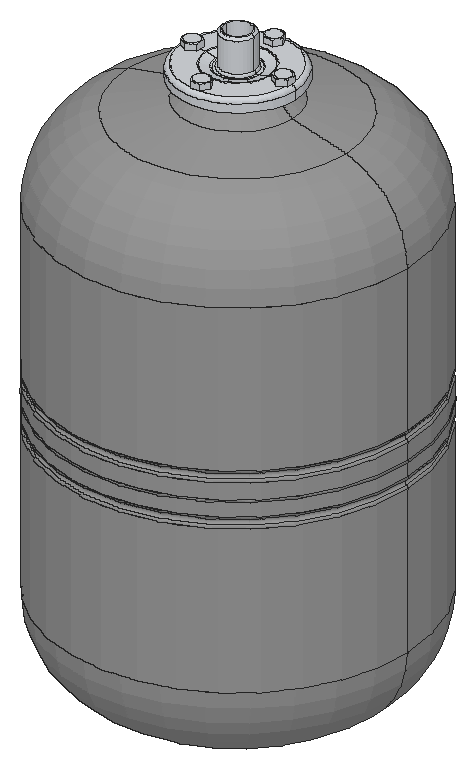
Revit family "WDV 24", category Оборудование, Revit 2014
Parameters
  Описание = "Мембранный бак для ГВС V=24л, Py=12бар, 3/4\""
  Материал крышки = Черная резина
  Материал = Белая краска
  Масса кг = "4.45"
  Крышка [instance] = yes
  Комментарии к типоразмеру = "WDV 24"
  Изготовитель = "WESTER"  # constant formula
  URL = "http://www.wester.su/"
Reference planes
  plane 1 "По центру (Вперед/Назад)": y = 0
  plane 2: z = 0
  plane 3 "По центру (Влево/Вправо)": x = 0
Forms (mm)
  Revolve 1, solid, material "Белая краска" <- "Материал"
    sketch origin (-161.5, 0, 141.055) x (0, 0, -1) y (1, 0, 0)
      loop
        line (54.946, 301.504) -> (-66.13, 301.504)
        arc (-66.13, 301.504) -> (-67.394, 301.194) -> (-68.372, 300.336) r 2.737
        arc (-68.372, 300.336) -> (-70.479, 299.111) -> (-72.609, 300.295) r 2.465
        arc (-72.609, 300.295) -> (-73.595, 301.183) -> (-74.881, 301.504) r 2.741
        line (-74.881, 301.504) -> (-85.791, 301.504)
        arc (-85.791, 301.504) -> (-86.644, 301.772) -> (-87.497, 301.504) r 1.491
        line (-87.497, 301.504) -> (-100.112, 301.504)
        arc (-100.112, 301.504) -> (-101.399, 301.183) -> (-102.384, 300.295) r 2.741
        arc (-102.384, 300.295) -> (-104.515, 299.111) -> (-106.621, 300.336) r 2.465
        arc (-106.621, 300.336) -> (-107.6, 301.194) -> (-108.863, 301.504) r 2.737
        line (-108.863, 301.504) -> (-229.094, 301.504)
        arc (-229.094, 301.504) -> (-271.116, 287.497) -> (-296.331, 251.081) r 70.04
        arc (-296.331, 251.081) -> (-301.975, 228.735) -> (-305.976, 206.038) r 316.121
        line (-305.976, 206.038) -> (-321.443, 190.572) -> (-321.443, 161.5) -> (124.057, 161.5) -> (124.057, 168.355)
        arc (124.057, 168.355) -> (124.128, 168.929) -> (124.385, 169.448) r 1.727
        line (124.385, 169.448) -> (133.11, 181.457)
        arc (133.11, 181.457) -> (133.947, 183.297) -> (133.994, 185.319) r 5.05
        arc (133.994, 185.319) -> (129.842, 218.58) -> (122.141, 251.204) r 311.646
        arc (122.141, 251.204) -> (96.914, 287.536) -> (54.946, 301.504) r 70.032
      axis (-321.443, 161.5) -> (133.994, 161.5)
    angle from 0 to 360
  Revolve 2, solid
    sketch origin (0, 0, 193.939) x (1, 0, 0) y (0, 0, 1)
      loop
        line (0, 268.559) -> (47.492, 268.559) -> (47.492, 274.974)
        arc (47.492, 274.974) -> (46.496, 277.464) -> (44.023, 278.5) r 3.47
        line (44.023, 278.5) -> (26.157, 278.5)
        arc (26.157, 278.5) -> (25.726, 278.448) -> (25.304, 278.35) r 3.918
        line (25.304, 278.35) -> (17.835, 276.159)
        arc (17.835, 276.159) -> (17.456, 276.04) -> (17.06, 276) r 1.968
        line (17.06, 276) -> (14.531, 276)
        arc (14.531, 276) -> (14.187, 277.207) -> (13.224, 278.012) r 2.132
        line (13.224, 278.012) -> (13.224, 302.006) -> (11.23, 304) -> (10.273, 304) -> (10.273, 278.5) -> (0, 278.5) -> (0, 268.559)
      axis (0, 304) -> (0, 268.559)
    angle from 0 to 360
  Revolve 3, solid
    sketch origin (0, 0, 0) x (1, 0, 0) y (0, 0, 1)
      loop
        line (3.985, 0.986) -> (3.985, 12.498) -> (6.063, 12.498) -> (6.063, 16.998) -> (0, 16.998) -> (0, 3.844) -> (1.586, 3.844) -> (2.15, 3.281) -> (2.15, -0.002) -> (2.997, -0.002) -> (3.985, 0.986)
      axis (0, 16.998) -> (0, -0.002)
    angle from 0 to 360
  Revolve 4, solid, material "Черная резина" <- "Материал крышки", visible <- "Крышка"
    sketch origin (0, 0, 0) x (1, 0, 0) y (0, 0, 1)
      loop
        line (0, 16.998) -> (-6.855, 16.998) -> (-23.238, 5.527) -> (-16.15, -1.562) -> (0, -1.562) -> (0, 16.998)
      axis (0, 16.998) -> (0, -1.562)
    angle from 0 to 360
Dimensions and locks
  aligned and locked: level to plane 2
Nested families
  nested 1: "Болт" at (-37.492, 0, 472.498) x (0, -1, 0) z (0, 0, 1), type "Болт"
  nested 2: "Болт" at (0, 37.5, 472.498) x (-1, 0, 0) z (0, 0, 1), type "Болт"
  nested 3: "Болт" at (0, -37.5, 472.498) x (-1, 0, 0) z (0, 0, 1), type "Болт"
  nested 4: "Болт" at (37.508, 0, 472.498) x (0, -1, 0) z (0, 0, 1), type "Болт"
Connectors
  piping at (0, 0, 497.939), diameter 20
    settings: on Revolve 2, index 1, connector inside diameter 609.6 mm, connector length 0 mm, flow factor 0, pipe flow 0.0 L/s, pressure drop 0.0 Pa, fitting loss kfactor 0, connector angle 0.00°, fixture units 0, engagement length 0 mm, angle of deflection 0.00°, flow configuration 1, flow direction 1, fitting loss method 0, system type 29, joint type 0, gender type 0, connector reference index -1, connector utility 0, adjustable connector no, is connector primary yes, connector description ""
Definition of nested family "Болт"
  Parameters (values of type "Болт")
    Default Elevation = 1219.2 mm
  Reference planes
    plane 1 "По центру (Вперед/Назад)": y = 0
    plane 2: z = 0
    plane 3 "По центру (Влево/Вправо)": x = 0
  Forms (mm)
    Extrusion 1, solid
      sketch origin (0, 0, 0) x (1, 0, 0) y (0, 1, 0)
        loop
          line (-1219.2, 1219.2) -> (-1219.2, -1219.2) -> (1219.2, -1219.2) -> (1219.2, 1219.2) -> (-1219.2, 1219.2)
      from 0 to -304.8
    Extrusion 2, solid, detail levels medium+fine
      sketch origin (0, 0, 0) x (0, 1, 0) y (-1, 0, 0)
        loop
          line (-6.5, -3.753) -> (0, -7.506) -> (6.5, -3.753) -> (6.5, 3.753) -> (0, 7.506) -> (-6.5, 3.753) -> (-6.5, -3.753)
      from 0 to 5.3
    Extrusion 3, solid, detail levels medium+fine
      sketch origin (0, 0, 0) x (1, 0, 0) y (0, 1, 0)
        loop
          circle (0, 0) r 4
      from -14 to 0
    Revolve 4, void
      sketch origin (0, 0, 0) x (1, 0, 0) y (0, 0, 1)
        loop
          line (-7.506, 4.447) -> (-6.413, 5.3) -> (-7.506, 5.3) -> (-7.506, 4.447)
        axis (0, 5.3) -> (0, 4.3)
      angle from 0 to 360
    Revolve 5, void
      sketch origin (0, 0, 0) x (1, 0, 0) y (0, 0, 1)
        loop
          line (-4, -14) -> (-2.365, -14) -> (-4, -12.365) -> (-4, -14)
        axis (0, -12.365) -> (0, -14)
      angle from 0 to 360
  Cuts and joins
    Revolve 4 cuts Extrusion 2
    Revolve 5 cuts Extrusion 3
    joined: Extrusion 2, Extrusion 3
  Dimensions and locks
    aligned and locked: plane 2 to Extrusion 1
    aligned and locked: level to Extrusion 1
    aligned and locked: Revolve 4 sketch curve to plane 3 "По центру (Влево/Вправо)"
    aligned and locked: cut or joined group of Extrusion 2, Extrusion 3, Revolve 4, Revolve 5 to Revolve 4 sketch curve
